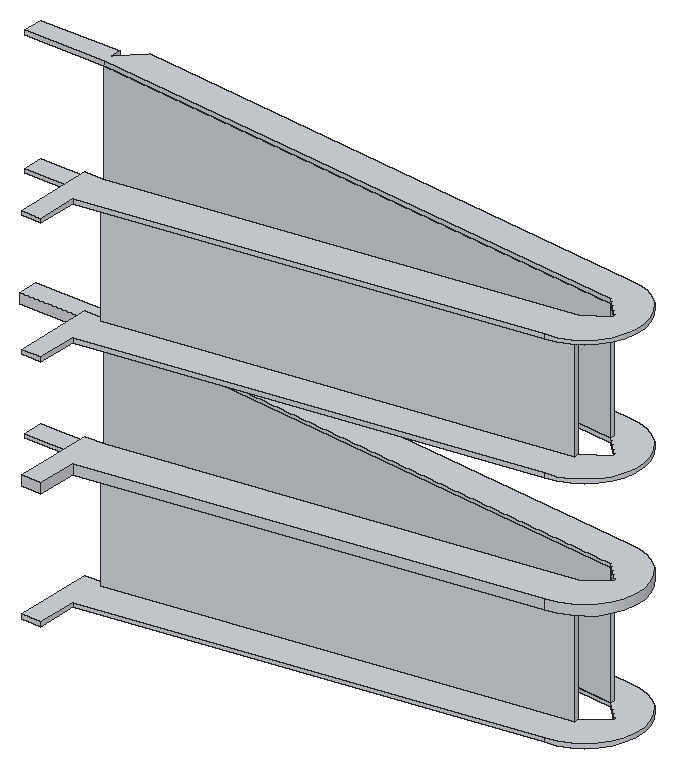
Revit family "TROVE 1_2017_new", category Electrical Equipment, Revit 2017
Family settings
  Round Connector Dimension = Use Diameter
  Part Type = Panelboard
  OmniClass Number = 23.80.30.11.17
  OmniClass Title = Distribution Boards and Control Panels
  Work Plane-Based = No
  Always vertical = Yes
  Cut with Voids When Loaded = No
  Shared = No
  Room Calculation Point = No
Parameters
  Width = 1' - 2 1/2"  # constant formula
  Symbol Visible [instance] = yes
  Label Visible [instance] = yes
  Label Type = Generic Label 2017 : Generic Label 2017
  Label Angle [instance] = 0.00°
  Label - Y Offset [instance] = 0' - 0"
  Label - X Offset [instance] = 0' - 0"
  Label [instance] = ""
  Height = 1' - 6"  # constant formula
  Elevation from Level [instance] = 0' - 0"
  Depth = 0' - 5"  # constant formula
Reference planes (in)
  plane 1 "Center (Front/Back)": y = 0.04883
  plane 2: z = 0
  plane 3 "Center (Left/Right)": x = 0
  plane 4: x = 7.25
  plane 5: x = -7.25
  plane 6: y = -2.45117
  plane 7: z = 18
  plane 8: x = 0
  plane 9: y = 0.04883
  plane 10: z = 0
  plane 11: y = 2.54883
Forms (in)
  Extrusion 1, solid, not visible
    sketch origin (0, 0, 0) x (1, 0, 0) y (0, 1, 0)
      loop
        line (-4, 10.25) -> (-3.5, 10.25) -> (-3.5, 11.23922) -> (7.17938, 12.82098)
        arc (7.17938, 12.82098) -> (8.48228, 14.238) -> (7.10223, 15.58) r 1.38059
        line (7.10223, 15.58) -> (-5.96967, 16.76505) -> (-6.5, 16.23472) -> (-6.5, 16.48472) -> (-8.5, 16.48472) -> (-8.5, 15.98472) -> (-6.5, 15.98472) -> (7.31887, 14.74382) -> (7.82469, 14.238) -> (7.22723, 13.8296) -> (-3.5, 12.25) -> (-4, 12.25) -> (-4, 10.25)
    from 0 to 0.10156
  Extrusion 2, solid, not visible
    sketch origin (0, 0, -6) x (1, 0, 0) y (0, 1, 0)
      loop
        line (-4, 10.25) -> (-3.5, 10.25) -> (-3.5, 11.23922) -> (7.17938, 12.82098)
        arc (7.17938, 12.82098) -> (8.48228, 14.238) -> (7.10223, 15.58) r 1.38059
        line (7.10223, 15.58) -> (-5.96967, 16.76505) -> (-6.5, 16.23472) -> (-6.5, 16.48472) -> (-8.625, 16.48472) -> (-8.625, 15.98472) -> (-6.5, 15.98472) -> (7.31887, 14.74382) -> (7.82469, 14.238) -> (7.22723, 13.8296) -> (-3.5, 12.25) -> (-4, 12.25) -> (-4, 10.25)
    from 9 to 9.25
  Extrusion 3, solid, not visible
    sketch origin (0, 0, 0) x (1, 0, 0) y (0, 1, 0)
      loop
        line (-6.49717, 15.98447) -> (7.31887, 14.74382) -> (7.32795, 14.84497) -> (-6.48808, 16.08562) -> (-6.49717, 15.98447)
    from 0.10156 to 3.14844
  Extrusion 4, solid, not visible
    sketch origin (0, 0, 0) x (1, 0, 0) y (0, 1, 0)
      loop
        line (7.22723, 13.8296) -> (-3.5, 12.25) -> (-3.48179, 12.12633) -> (7.24544, 13.70594) -> (7.22723, 13.8296)
    from 0.10156 to 3.14844
  Extrusion 5, solid, not visible
    sketch origin (0, 0, 0) x (1, 0, 0) y (0, 1, 0)
      loop
        line (-4, 10.25) -> (-3.5, 10.25) -> (-3.5, 11.23922) -> (7.17938, 12.82098)
        arc (7.17938, 12.82098) -> (8.48228, 14.238) -> (7.10223, 15.58) r 1.38059
        line (7.10223, 15.58) -> (-5.96967, 16.76505) -> (-6.5, 16.23472) -> (-6.5, 16.48472) -> (-8.5, 16.48472) -> (-8.5, 15.98472) -> (-6.5, 15.98472) -> (7.31887, 14.74382) -> (7.82469, 14.238) -> (7.22723, 13.8296) -> (-3.5, 12.25) -> (-4, 12.25) -> (-4, 10.25)
    from 6 to 6.10156
  Extrusion 6, solid, not visible
    sketch origin (0, 0, 0) x (1, 0, 0) y (0, 1, 0)
      loop
        line (-4, 10.25) -> (-3.5, 10.25) -> (-3.5, 11.23922) -> (7.17938, 12.82098)
        arc (7.17938, 12.82098) -> (8.48228, 14.238) -> (7.10223, 15.58) r 1.38059
        line (7.10223, 15.58) -> (-5.96967, 16.76505) -> (-6.5, 16.23472) -> (-6.5, 16.48472) -> (-8.5, 16.48472) -> (-8.5, 15.98472) -> (-6.5, 15.98472) -> (7.31887, 14.74382) -> (7.82469, 14.238) -> (7.22723, 13.8296) -> (-3.5, 12.25) -> (-4, 12.25) -> (-4, 10.25)
    from 9.14844 to 9.25
  Extrusion 7, solid, not visible
    sketch origin (0, 0, 0) x (1, 0, 0) y (0, 1, 0)
      loop
        line (-6.49717, 15.98447) -> (7.31887, 14.74382) -> (7.32795, 14.84497) -> (-6.48808, 16.08562) -> (-6.49717, 15.98447)
    from 6.10156 to 9.14844
  Extrusion 8, solid, not visible
    sketch origin (0, 0, 0) x (1, 0, 0) y (0, 1, 0)
      loop
        line (7.22723, 13.8296) -> (-3.5, 12.25) -> (-3.48179, 12.12633) -> (7.24544, 13.70594) -> (7.22723, 13.8296)
    from 6.10156 to 9.14844
Lines and regions (in)
  symbolic lines, style "InvisibleLines"
    curve 1: line (0, 3.42383, 0) -> (0, -3.32617, 0)
    curve 2: line (-10.75, 0.04883, 0) -> (10.75, 0.04883, 0)
  symbolic lines, style "InvisibleLines", not visible
    curve 3: line (0, 3.375, 0) -> (0, -3.375, 0)
    curve 4: line (-10.75, 0, 0) -> (10.75, 0, 0)
  symbolic lines, style "ElectricalEquipment", visible <- "Symbol Visible"
    curve 5: line (7.4375, -2.45117, 0) -> (-7.4375, -2.45117, 0)
    curve 6: line (7.25, 2.54883, 0) -> (-7.25, 2.54883, 0)
    curve 7: line (7.25, 2.54883, 0) -> (7.25, -1.95117, 0)
    curve 8: line (7.4375, -1.95117, 0) -> (-7.4375, -1.95117, 0)
    curve 9: line (-7.25, 2.54883, 0) -> (-7.25, -1.95117, 0)
    curve 10: line (-7.4375, -1.95117, 0) -> (-7.4375, -2.45117, 0)
    curve 11: line (7.4375, -1.95117, 0) -> (7.4375, -2.45117, 0)
Dimensions and locks (in)
  equal spacing: plane 5, plane 3 "Center (Left/Right)", plane 4
  "Width": plane 5 to plane 4
  "Height": plane 7 to plane 10
  "Label - X Offset": plane 3 "Center (Left/Right)" to plane 8
  "Label - Y Offset": plane 1 "Center (Front/Back)" to plane 9
  "Elevation from Level": plane 10 to plane 2
  plane 4 to plane 5 = 1' - 2 1/2"
  "Depth": plane 6 to plane 11
  equal spacing: plane 6, plane 1 "Center (Front/Back)", plane 11
  aligned and locked: plane 9 to curve 2
  aligned and locked: plane 10 to import instance
  aligned and locked: plane 7 to import instance
Automatic sketch dimensions
  Extrusion 1 sketch curve to Extrusion 1 sketch curve = 0' - 0"
  Extrusion 1 sketch curve to Extrusion 1 sketch curve = 0' - 0.53033"
  Extrusion 1 sketch curve to Extrusion 1 sketch curve = 0' - 0 1/2"  (x3)
  Extrusion 1 sketch curve to Extrusion 1 sketch curve = 0' - 0 1/8"
  Extrusion 1 sketch curve to Extrusion 1 sketch curve = 0' - 0.21664"
  Extrusion 1 sketch curve to Extrusion 1 sketch curve = 0' - 0.98922"
  Extrusion 1 sketch curve to Extrusion 1 sketch curve = 0' - 1.01078"
  Extrusion 1 sketch curve to Extrusion 1 sketch curve = 0' - 1.00863"
  Extrusion 1 sketch curve to Extrusion 1 sketch curve = 0' - 0.36981"
  Extrusion 1 sketch curve to Extrusion 1 sketch curve = 0' - 0.03859"
  Extrusion 1 sketch curve to Extrusion 1 sketch curve = 0' - 0.54441"
  Extrusion 1 sketch curve to Extrusion 1 sketch curve = 0' - 0 1/4"
  Extrusion 1 sketch curve to Extrusion 1 sketch curve = 0' - 0.28033"
  Extrusion 2 sketch curve to Extrusion 2 sketch curve = 0' - 0"
  Extrusion 2 sketch curve to Extrusion 2 sketch curve = 0' - 0.53033"
  Extrusion 2 sketch curve to Extrusion 2 sketch curve = 0' - 0 1/2"  (x3)
  Extrusion 2 sketch curve to Extrusion 2 sketch curve = 0' - 0 1/8"
  Extrusion 2 sketch curve to Extrusion 2 sketch curve = 0' - 0.21664"
  Extrusion 2 sketch curve to Extrusion 2 sketch curve = 0' - 0.98922"
  Extrusion 2 sketch curve to Extrusion 2 sketch curve = 0' - 1.01078"
  Extrusion 2 sketch curve to Extrusion 2 sketch curve = 0' - 1.00863"
  Extrusion 2 sketch curve to Extrusion 2 sketch curve = 0' - 0.36981"
  Extrusion 2 sketch curve to Extrusion 2 sketch curve = 0' - 0.03859"
  Extrusion 2 sketch curve to Extrusion 2 sketch curve = 0' - 0.54441"
  Extrusion 2 sketch curve to Extrusion 2 sketch curve = 0' - 3.73472"
  Extrusion 2 sketch curve to Extrusion 2 sketch curve = 0' - 0 1/4"
  Extrusion 2 sketch curve to Extrusion 2 sketch curve = 0' - 0.28033"
  Extrusion 3 sketch curve to Extrusion 3 sketch curve = 0' - 0.00908"
  Extrusion 3 sketch curve to Extrusion 3 sketch curve = 0' - 0.10116"
  Extrusion 4 sketch curve to Extrusion 4 sketch curve = 0' - 0.12367"
  Extrusion 4 sketch curve to Extrusion 4 sketch curve = 0' - 0.01821"
  Extrusion 2 sketch curve to Extrusion 2 sketch curve = 0' - 2 1/8"
  Extrusion 2 sketch curve to Extrusion 2 sketch curve = 0' - 2 1/2"
  Extrusion 2 sketch curve to Extrusion 2 sketch curve = 0' - 10.60223"
  Extrusion 2 sketch curve to Extrusion 2 sketch curve = 0' - 0.04785"
  Extrusion 2 sketch curve to Extrusion 2 sketch curve = 0' - 0.50582"
  Extrusion 2 sketch curve to Extrusion 2 sketch curve = 0' - 0.57098"
  Extrusion 3 sketch curve to Extrusion 3 sketch curve = 1' - 1.81603"
  Extrusion 4 sketch curve to Extrusion 4 sketch curve = 0' - 10.72723"
  Extrusion 1 sketch curve to Extrusion 1 sketch curve = 0' - 2"
  Extrusion 1 sketch curve to Extrusion 1 sketch curve = 0' - 2 1/2"
  Extrusion 1 sketch curve to Extrusion 1 sketch curve = 0' - 10.60223"
  Extrusion 1 sketch curve to Extrusion 1 sketch curve = 0' - 0.04785"
  Extrusion 1 sketch curve to Extrusion 1 sketch curve = 0' - 0.50582"
  Extrusion 1 sketch curve to Extrusion 1 sketch curve = 0' - 0.57098"
  Extrusion 1 sketch curve to Extrusion 1 sketch curve = 0' - 3.73472"
  Extrusion 5 sketch curve to Extrusion 5 sketch curve = 0' - 0"
  Extrusion 5 sketch curve to Extrusion 5 sketch curve = 0' - 0.53033"
  Extrusion 5 sketch curve to Extrusion 5 sketch curve = 0' - 0 1/2"  (x3)
  Extrusion 5 sketch curve to Extrusion 5 sketch curve = 0' - 0 1/8"
  Extrusion 5 sketch curve to Extrusion 5 sketch curve = 0' - 0.21664"
  Extrusion 5 sketch curve to Extrusion 5 sketch curve = 0' - 0.98922"
  Extrusion 5 sketch curve to Extrusion 5 sketch curve = 0' - 1.01078"
  Extrusion 5 sketch curve to Extrusion 5 sketch curve = 0' - 1.00863"
  Extrusion 5 sketch curve to Extrusion 5 sketch curve = 0' - 0.36981"
  Extrusion 5 sketch curve to Extrusion 5 sketch curve = 0' - 0.03859"
  Extrusion 5 sketch curve to Extrusion 5 sketch curve = 0' - 0.54441"
  Extrusion 5 sketch curve to Extrusion 5 sketch curve = 0' - 0 1/4"
  Extrusion 5 sketch curve to Extrusion 5 sketch curve = 0' - 0.28033"
  Extrusion 6 sketch curve to Extrusion 6 sketch curve = 0' - 0"
  Extrusion 6 sketch curve to Extrusion 6 sketch curve = 0' - 0.53033"
  Extrusion 6 sketch curve to Extrusion 6 sketch curve = 0' - 0 1/2"  (x3)
  Extrusion 6 sketch curve to Extrusion 6 sketch curve = 0' - 0 1/8"
  Extrusion 6 sketch curve to Extrusion 6 sketch curve = 0' - 0.21664"
  Extrusion 6 sketch curve to Extrusion 6 sketch curve = 0' - 0.98922"
  Extrusion 6 sketch curve to Extrusion 6 sketch curve = 0' - 1.01078"
  Extrusion 6 sketch curve to Extrusion 6 sketch curve = 0' - 1.00863"
  Extrusion 6 sketch curve to Extrusion 6 sketch curve = 0' - 0.36981"
  Extrusion 6 sketch curve to Extrusion 6 sketch curve = 0' - 0.03859"
  Extrusion 6 sketch curve to Extrusion 6 sketch curve = 0' - 0.54441"
  Extrusion 6 sketch curve to Extrusion 6 sketch curve = 0' - 3.73472"
  Extrusion 6 sketch curve to Extrusion 6 sketch curve = 0' - 0 1/4"
  Extrusion 6 sketch curve to Extrusion 6 sketch curve = 0' - 0.28033"
  Extrusion 7 sketch curve to Extrusion 7 sketch curve = 0' - 0.00908"
  Extrusion 7 sketch curve to Extrusion 7 sketch curve = 0' - 0.10116"
  Extrusion 8 sketch curve to Extrusion 8 sketch curve = 0' - 0.12367"
  Extrusion 8 sketch curve to Extrusion 8 sketch curve = 0' - 0.01821"
  Extrusion 6 sketch curve to Extrusion 6 sketch curve = 0' - 2"
  Extrusion 6 sketch curve to Extrusion 6 sketch curve = 0' - 2 1/2"
  Extrusion 6 sketch curve to Extrusion 6 sketch curve = 0' - 10.60223"
  Extrusion 6 sketch curve to Extrusion 6 sketch curve = 0' - 0.04785"
  Extrusion 6 sketch curve to Extrusion 6 sketch curve = 0' - 0.50582"
  Extrusion 6 sketch curve to Extrusion 6 sketch curve = 0' - 0.57098"
  Extrusion 7 sketch curve to Extrusion 7 sketch curve = 1' - 1.81603"
  Extrusion 8 sketch curve to Extrusion 8 sketch curve = 0' - 10.72723"
  Extrusion 5 sketch curve to Extrusion 5 sketch curve = 0' - 0.04785"
  Extrusion 5 sketch curve to Extrusion 5 sketch curve = 0' - 2"
  Extrusion 5 sketch curve to Extrusion 5 sketch curve = 0' - 2 1/2"
  Extrusion 5 sketch curve to Extrusion 5 sketch curve = 0' - 10.60223"
  Extrusion 5 sketch curve to Extrusion 5 sketch curve = 0' - 0.50582"
  Extrusion 5 sketch curve to Extrusion 5 sketch curve = 0' - 0.57098"
  Extrusion 5 sketch curve to Extrusion 5 sketch curve = 0' - 3.73472"
  plane 6 to curve 5 = 0' - 0"
  curve 9 to plane 5 = 0' - 0"
  curve 6 to plane 4 = 0' - 0"
  plane 11 to curve 6 = 0' - 0"
  curve 10 to plane 5 = 0' - 0 3/16"
  curve 7 to curve 8 = 0' - 0 3/16"
  curve 8 to plane 6 = 0' - 0 1/2"
Nested families (in)
  nested 1: "Generic Label 2017" at (-1.25796, -1.7155, 0), Label Angle <- "Label Angle", type <- "Label Type", visible <- "Label Visible", type "Generic Label 2017"
    with Label Angle 0.00°
  nested 2: "Generic Label 2017" at (-1.25796, -1.76433, 0), Label Angle <- "Label Angle", type <- "Label Type", visible <- "Label Visible", type "Generic Label 2017", not visible
    with Label Angle 0.00°
Definition of nested family "Generic Label 2017"
  Parameters (values of type "Generic Label 2017")
    Label Angle [instance] = 0.00°
    Label = ""
  Reference planes (in)
    plane 1: y = 0
    plane 2: x = 0
  Lines and regions (in)
    reference lines
      curve 1: line (0.05319, 3.48642, 0) -> (0.05319, -2.76358, 0)
      curve 2: line (-2.94681, 0.07185, 0) -> (3.55319, 0.07185, 0)
    detail lines
      curve 3: line (0.05319, 0.01481, 0) -> (0.05319, 0.1289, 0)
    detail lines, not visible
      curve 4: line (0.01286, 0.03152, 0) -> (0.01286, 0.1456, 0)
  Text (in)
    label "Label" at (0.05865, 0.07252, 0), shows "Label"
    label "Label" at (0.01831, 0.08923, 0), shows "Label", not visible
  Dimensions and locks (in)
    "Label Angle": angle curve 1 to curve 3
    aligned and locked: curve 1 to curve 3
  Automatic sketch dimensions
    curve 2 to plane 1 = 0' - 0.07185"
    curve 2 to plane 2 = 0' - 2.94681"
    plane 2 to curve 1 = 0' - 0.05319"
    plane 2 to curve 2 = 0' - 3.55319"
    plane 1 to curve 1 = 0' - 2.76358"
    curve 1 to plane 1 = 0' - 3.48642"
    curve 3 to curve 3 = 0' - 0"
    curve 3 to curve 3 = 0' - 0.11408"
    curve 4 to curve 4 = 0' - 0"
    curve 4 to curve 4 = 0' - 0.11408"
